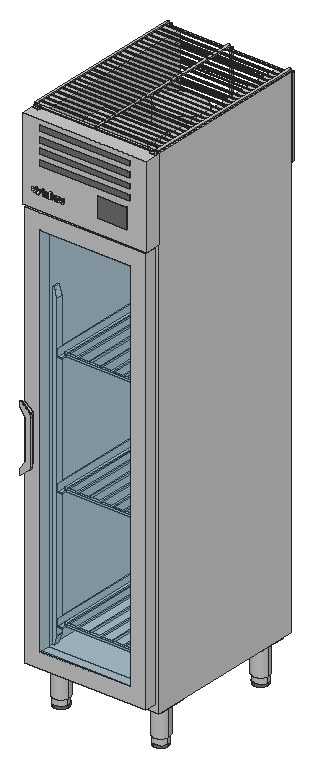
Revit family "QF_INFRICO_AGN300CR_250814095018", category Specialty Equipment, Revit 2021
Family settings
  Round Connector Dimension = Use Diameter
  Part Type = Normal
  OmniClass Number = 23.40.40.14
  OmniClass Title = Food Service Equipment
  Work Plane-Based = No
  Always vertical = Yes
  Cut with Voids When Loaded = No
  Shared = No
  Room Calculation Point = No
Parameters (values of type "AGN300CR")
  Weight [instance] = 0.00 kg
  Waste Water Discharge Temperature [instance] = 0 °C
  Waste Remarks [instance] = ""
  Warranty Start Date [instance] = ""
  Warranty Duration [instance] = ""
  Volts [instance] = 230 V
  Volt Free Conn [instance] = no
  URL Recommended Spares List [instance] = ""
  URL Manufacturer [instance] = ""
  URL Cutsheet [instance] = ""
  URL Critical Spares List [instance] = ""
  URL = "www.infrico.com"
  Technical Documentation [instance] = ""
  Tag Number [instance] = ""
  Status [instance] = ""
  Start Up Current [instance] = 0 A
  Specification by User [instance] = ""
  Specification by Manufacturer [instance] = ""
  Sound Level [instance] = ""
  Show Logo [instance] = yes
  Show Clearances [instance] = yes
  Service Life Duration [instance] = ""
  Serial Number [instance] = ""
  Seismic Rating [instance] = ""
  SMACNA No [instance] = ""
  Revision Code [instance] = ""
  Revision [instance] = ""
  Production Year [instance] = ""
  Potential Equalisation [instance] = no
  Point Load [instance] = 0
  Plumbing Connection Type [instance] = ""
  Phase [instance] = 1
  Other Equipment Approvals [instance] = ""
  Operational Current [instance] = 0 A
  Number of Poles [instance] = 2
  No Load Power Draw [instance] = no
  NAFEM Spec ID Number [instance] = ""
  Model Warning [instance] = ""
  Model = "AGN300CR"
  Min Ckt Ampacity [instance] = 0 A
  Max Overcurrent Protection [instance] = 0 A
  Masterspec [instance] = ""
  Manufacturer = "INFRICO"
  Main switch integrated [instance] = no
  Length Actual [instance] = 482 mm
  Item Number [instance] = ""
  Installed By [instance] = ""
  Installation Date [instance] = ""
  Indirect Waste Size [instance] = 19.05 mm
  Indirect Waste Remarks [instance] = ""
  Indirect Waste Flow [instance] = 0.0 L/s
  Indirect Waste Connection Type [instance] = ""
  Indirect Waste Connection Height [instance] = 0 mm
  Identify Quantity as Lot [instance] = no
  ID [instance] = ""
  Hygiene Approval [instance] = ""
  Height Actual [instance] = 2100 mm
  HP power [instance] = ""
  Furnished By [instance] = ""
  Foodservice Equipment Identifier [instance] = no
  FL Amps [instance] = 0 A
  Electrical Remarks [instance] = ""
  Electric power [instance] = 250 W
  Electric Connection Type [instance] = ""
  Elec Conn RI Height [instance] = 0 mm
  Elec Conn Connection Height [instance] = 0 mm
  ETL Approved [instance] = no
  Direct Waste Water Discharge Temperature [instance] = -273.15 °C
  Direct Waste Size [instance] = 19.05 mm
  Direct Waste RI Height [instance] = 0 mm
  Direct Waste Flow [instance] = 0.0 L/s
  Direct Waste Connection Height [instance] = 0 mm
  Description = "GLASS DOOR REACH IN REFRIGERATOR - ONE DOOR - R290"
  Depth Actual [instance] = 695 mm
  Default Elevation = 0 mm
  Cycle [instance] = 50 Hz
  Cost = 0
  Connection to energy optimisation system [instance] = yes
  Conn Plug [instance] = ""
  Conn Conduit [instance] = no
  Centralized building control system with digital interface [instance] = ""
  CSI MasterFormat [instance] = ""
  CE Approved [instance] = no
  Barcode [instance] = 0
  Author [instance] = ""
  Asset Identifier [instance] = ""
  Apparent Power [instance] = 250 VA
  Accessory [instance] = no
Reference planes
  plane 1 "Center (Front/Back)": y = 0
  plane 2: z = 0
  plane 3 "Center (Left/Right)": x = 0
Forms (mm)
  Extrusion 1, solid, not visible
    sketch origin (241.012, -93.905, 152.007) x (1, 0, 0) y (0, 1, 0)
      loop
        line (-2, 2) -> (-2, -2) -> (2, -2) -> (2, 2) -> (-2, 2)
    from -2 to 2
  Extrusion 2, solid, not visible
    sketch origin (100.005, -89.004, 1770.086) x (1, 0, 0) y (0, 1, 0)
      loop
        line (-2, 2) -> (-2, -2) -> (2, -2) -> (2, 2) -> (-2, 2)
    from -2 to 2
Dimensions and locks
  locked: nested 2 to Extrusion 1 at 2  (x2)
  locked: Extrusion 2 to nested 3
  locked: nested 3 to Extrusion 2 at 2
  aligned and locked: level to plane 2
Nested families
  nested 1: "QF_INFRICO_AGN300CR_2920" at (0, 0, 150), type "AGN300CR"
    with Weight 0.00 kg, Warranty Start Date "", Warranty Duration "", URL Cutsheet "", Technical Documentation "", Tag Number "", Status "", Specification by User "", Specification by Manufacturer "", Sound Level "", Solid Fuel Type "", Show Logo yes, Show Clearances yes, Show Clearance yes, Service Life Duration "", Serial Number "", Seismic Rating "", SMACNA No "", Revision Code "", Revision "", Production Year "", Point Load 0, Other Equipment Approvals "", NAFEM Spec ID Number "", Model Warning "", Masterspec "", Length Actual 482 mm, Item Number "", Installed By "", Installation Date "", Identify Quantity as Lot yes, ID "", Hygiene Approval "", Height Actual 2100 mm, Furnished By "", Foodservice Equipment Identifier yes, ETL Approved yes, Depth Actual 695 mm, CSI MasterFormat "", CE Approved no, Barcode "", Author "", Asset Identifier "", Accessory no
  nested 2: "CONN_POINT_DRAIN_2D___Generic_Annotation" at (241.012, -93.905, 150.007), type "CONN_POINT_DRAIN_2D___Generic_Annotation"
    with Onboard connection annotation symbol visibility yes
  nested 3: "CONN_POINT_ELE_2D___Generic_Annotation" at (100.005, -87.004, 1770.086), type "CONN_POINT_ELE_2D___Generic_Annotation"
    with Onboard connection annotation symbol visibility yes
  nested 4: "QF_INFRICO_AGNCR_DOOR_DX_4773" at (5, -640, 186), type "AGNCR_DOOR_DX"
    with Weight 0.00 kg, Warranty Start Date "", Warranty Duration "", URL Cutsheet "", Technical Documentation "", Tag Number "", Status "", Specification by User "", Specification by Manufacturer "", Sound Level "", Solid Fuel Type "", Show Logo yes, Show Clearances yes, Show Clearance yes, Service Life Duration "", Serial Number "", Seismic Rating "", SMACNA No "", Revision Code "", Revision "", Production Year "", Point Load 0, Other Equipment Approvals "", NAFEM Spec ID Number "", Model Warning "", Masterspec "", Length Actual 472 mm, Item Number "", Installed By "", Installation Date "", Identify Quantity as Lot yes, ID "", Hygiene Approval "", Height Actual 1588 mm, Furnished By "", Foodservice Equipment Identifier yes, ETL Approved yes, Depth Actual 61 mm, CSI MasterFormat "", CE Approved no, Barcode "", Author "", Asset Identifier "", Accessory yes
  nested 5: "QF_INFRICO_LEGS_REACH_INS_5574" at (0, 0, 0), type "LEGS_482_640"
    with Weight 0.00 kg, Warranty Start Date "", Warranty Duration "", URL Cutsheet "", Technical Documentation "", Tag Number "", Status "", Specification by User "", Specification by Manufacturer "", Sound Level "", Solid Fuel Type "", Show Logo yes, Show Clearances yes, Service Life Duration "", Serial Number "", Seismic Rating "", SMACNA No "", Revision Code "", Revision "", Production Year "", Point Load 0, Other Equipment Approvals "", NAFEM Spec ID Number "", Model Warning "", Masterspec "", Length Actual 482 mm, Item Number "", Installed By "", Installation Date "", Identify Quantity as Lot yes, ID "", Hygiene Approval "", Height Actual 150 mm, Furnished By "", Foodservice Equipment Identifier yes, ETL Approved yes, Depth Actual 640 mm, CSI MasterFormat "", CE Approved no, Barcode "", Author "", Asset Identifier "", Accessory yes
Connectors
  piping at (241.012, -93.905, 150.007), diameter 19.05, driven by "Indirect Waste Size", driven by "Direct Waste Flow"
    settings: on Extrusion 1, index 1, connector inside diameter 609.6 mm, connector length 0 mm, flow factor 0, pipe flow 0.0 L/s, pressure drop 0.0 Pa, fitting loss kfactor 0, connector angle 0.00°, fixture units 0, engagement length 0 mm, angle of deflection 0.00°, flow configuration 1, flow direction 2, fitting loss method 0, system type 16, joint type 0, gender type 0, connector reference index -1, connector utility 0, adjustable connector no, is connector primary yes, connector description "Waste connection for AGN300CR"
  electrical at (100.005, -87.004, 1770.086), driven by "Apparent Power", driven by "Number of Poles", driven by "Volts"
    settings: on Extrusion 2, index 2, voltage 230 V, apparent load 0 VA, apparent load phase1 250 VA, apparent load phase2 0 VA, apparent load phase3 0 VA, power factor 1, load classification "Other", number of poles 2, system type 31, power factor state 1, is connector primary yes, connector utility no, sub classification motor no, connector description "Electrical connection for AGN300CR"
Definition of nested family "QF_INFRICO_AGN300CR_2920"
  Parameters (values of type "AGN300CR")
    Weight [instance] = 0.00 kg
    Warranty Start Date [instance] = ""
    Warranty Duration [instance] = ""
    URL Cutsheet [instance] = ""
    URL = "www.infrico.com"
    Technical Documentation [instance] = ""
    Tag Number [instance] = ""
    Status [instance] = ""
    Specification by User [instance] = ""
    Specification by Manufacturer [instance] = ""
    Sound Level [instance] = ""
    Solid Fuel Type [instance] = ""
    Show Logo [instance] = yes
    Show Clearances [instance] = yes
    Show Clearance [instance] = yes
    Service Life Duration [instance] = ""
    Serial Number [instance] = ""
    Seismic Rating [instance] = ""
    SMACNA No [instance] = ""
    Revision Code [instance] = ""
    Revision [instance] = ""
    Production Year [instance] = ""
    Point Load [instance] = 0
    Other Equipment Approvals [instance] = ""
    NAFEM Spec ID Number [instance] = ""
    Model Warning [instance] = ""
    Model = "AGN300CR"
    Masterspec [instance] = ""
    Manufacturer = "INFRICO"
    Length Actual [instance] = 0 mm
    Item Number [instance] = ""
    Installed By [instance] = ""
    Installation Date [instance] = ""
    Identify Quantity as Lot [instance] = yes
    ID [instance] = ""
    Hygiene Approval [instance] = ""
    Height Actual [instance] = 0 mm
    Furnished By [instance] = ""
    Foodservice Equipment Identifier [instance] = yes
    ETL Approved [instance] = yes
    Description = "GLASS DOOR REACH IN REFRIGERATOR - ONE DOOR - R134A REFRIGERANT"
    Depth Actual [instance] = 0 mm
    Default Elevation = 0 mm
    CSI MasterFormat [instance] = ""
    CE Approved [instance] = yes
    Barcode [instance] = ""
    Author [instance] = ""
    Asset Identifier [instance] = ""
    Assembly Code = "E1090320"
    Accessory [instance] = yes
  Reference planes
    plane 1 "Back": y = 0
    plane 2: z = 0
    plane 3 "Left": x = 0
    plane 4 "Right": x = 482
    plane 5 "Front": y = -700
    plane 6 "Top": z = 1950
  Forms (mm)
    Extrusion 1, solid
      sketch origin (0, 16, -334) x (0, 1, 0) y (0, 0, 1)
        loop
          line (-16, 334) -> (-16, 1597) -> (-656, 1597) -> (-656, 334) -> (-16, 334)
      from 50 to 432
    Extrusion 2, solid
      sketch origin (0, -95, 1700) x (1, 0, 0) y (0, 1, 0)
        loop
          line (0, -545) -> (0, -605) -> (482, -605) -> (482, -545) -> (479.5, -545) -> (479.5, -558) -> (457, -558) -> (457, -545) -> (25, -545) -> (25, -558) -> (2.5, -558) -> (2.5, -545) -> (0, -545)
      from -68 to 250
    Extrusion 3, solid, visible <- "Show Logo"
      sketch origin (-1126.614, -699, 992.462) x (1, 0, 0) y (0, 0, 1)
        loop
          line (1208.799, 696.53) -> (1208.799, 719.204) -> (1204.173, 719.204) -> (1204.173, 696.53) -> (1208.799, 696.53)
        loop
          line (1214.779, 713.006) -> (1211.283, 713.006) -> (1211.283, 696.53) -> (1215.772, 696.53) -> (1215.772, 707.832)
          arc (1215.772, 707.832) -> (1217.528, 708.741) -> (1219.417, 709.324) r 11.052
          arc (1219.417, 709.324) -> (1220.929, 708.961) -> (1221.598, 707.557) r 1.806
          line (1221.598, 707.557) -> (1221.598, 696.53) -> (1226.121, 696.53) -> (1226.121, 708.689)
          arc (1226.121, 708.689) -> (1224.637, 712.075) -> (1221.141, 713.281) r 4.607
          arc (1221.141, 713.281) -> (1218.282, 712.674) -> (1215.669, 711.361) r 11.435
          line (1215.669, 711.361) -> (1215.601, 712.184)
          arc (1215.601, 712.184) -> (1215.36, 712.765) -> (1214.779, 713.006) r 0.822
        loop
          line (1238.557, 720.102) -> (1237.306, 720.102)
          arc (1237.306, 720.102) -> (1235.052, 719.926) -> (1232.881, 719.297) r 11.103
          arc (1232.881, 719.297) -> (1230.805, 717.616) -> (1230.024, 715.062) r 4.567
          line (1230.024, 715.062) -> (1230.024, 712.909) -> (1227.351, 712.703) -> (1227.351, 709.374) -> (1230.024, 709.374) -> (1230.024, 696.53) -> (1234.547, 696.53) -> (1234.547, 709.374) -> (1238.249, 709.374) -> (1238.249, 712.938) -> (1234.547, 712.938) -> (1234.547, 714.548)
          arc (1234.547, 714.548) -> (1234.956, 715.705) -> (1236.045, 716.271) r 1.67
          line (1236.045, 716.271) -> (1237.7, 716.399)
          arc (1237.7, 716.399) -> (1238.306, 716.65) -> (1238.557, 717.255) r 0.857
          line (1238.557, 717.255) -> (1238.557, 720.102)
        loop
          line (1239.479, 713.006) -> (1239.479, 696.53) -> (1243.968, 696.53) -> (1243.968, 707.352)
          arc (1243.968, 707.352) -> (1245.873, 708.631) -> (1248.077, 709.268) r 7.435
          line (1248.077, 709.268) -> (1249.241, 709.416)
          arc (1249.241, 709.416) -> (1249.643, 709.758) -> (1249.793, 710.265) r 0.928
          line (1249.793, 710.265) -> (1249.793, 712.458)
          arc (1249.793, 712.458) -> (1249.531, 713.061) -> (1248.912, 713.28) r 0.824
          arc (1248.912, 713.28) -> (1246.197, 712.588) -> (1243.899, 710.984) r 7.833
          line (1243.899, 710.984) -> (1243.726, 713.006) -> (1239.479, 713.006)
        loop
          line (1255.495, 696.53) -> (1255.495, 713.006) -> (1251.006, 713.006) -> (1251.006, 696.53) -> (1255.495, 696.53)
        loop
          arc (1257.421, 701.327) -> (1258.567, 698.188) -> (1261.466, 696.525) r 4.873
          arc (1261.466, 696.525) -> (1264.493, 696.266) -> (1267.521, 696.525) r 17.816
          arc (1267.521, 696.525) -> (1270.575, 699.134) -> (1271.505, 703.041) r 6.481
          line (1271.505, 703.041) -> (1267.187, 703.041) -> (1267.187, 701.67)
          arc (1267.187, 701.67) -> (1266.64, 700.452) -> (1265.442, 699.865) r 1.965
          arc (1265.442, 699.865) -> (1264.547, 699.816) -> (1263.653, 699.865) r 8.196
          arc (1263.653, 699.865) -> (1262.417, 700.415) -> (1261.91, 701.67) r 1.806
          line (1261.91, 701.67) -> (1261.91, 707.9)
          arc (1261.91, 707.9) -> (1262.417, 709.155) -> (1263.653, 709.705) r 1.806
          arc (1263.653, 709.705) -> (1264.547, 709.754) -> (1265.442, 709.705) r 8.196
          arc (1265.442, 709.705) -> (1266.64, 709.118) -> (1267.187, 707.9) r 1.965
          line (1267.187, 707.9) -> (1267.187, 706.838) -> (1271.505, 706.838)
          arc (1271.505, 706.838) -> (1270.524, 710.556) -> (1267.521, 712.959) r 6.132
          arc (1267.521, 712.959) -> (1264.493, 713.294) -> (1261.466, 712.959) r 13.851
          arc (1261.466, 712.959) -> (1258.571, 711.349) -> (1257.421, 708.243) r 4.772
          line (1257.421, 708.243) -> (1257.421, 701.327)
        loop
          arc (1272.916, 701.329) -> (1273.993, 698.345) -> (1276.726, 696.734) r 4.676
          arc (1276.726, 696.734) -> (1278.515, 696.455) -> (1280.318, 696.291) r 28.371
          arc (1280.318, 696.291) -> (1282.122, 696.455) -> (1283.911, 696.734) r 28.371
          arc (1283.911, 696.734) -> (1286.644, 698.345) -> (1287.72, 701.329) r 4.676
          line (1287.72, 701.329) -> (1287.72, 708.242)
          arc (1287.72, 708.242) -> (1286.644, 711.226) -> (1283.911, 712.837) r 4.676
          arc (1283.911, 712.837) -> (1282.122, 713.116) -> (1280.318, 713.28) r 28.371
          arc (1280.318, 713.28) -> (1278.515, 713.116) -> (1276.726, 712.837) r 28.371
          arc (1276.726, 712.837) -> (1273.993, 711.226) -> (1272.916, 708.242) r 4.676
          line (1272.916, 708.242) -> (1272.916, 701.329)
        loop
          line (1277.405, 707.866) -> (1277.405, 701.705)
          arc (1277.405, 701.705) -> (1277.844, 700.556) -> (1278.936, 699.991) r 1.725
          arc (1278.936, 699.991) -> (1279.627, 699.918) -> (1280.318, 699.856) r 46.133
          arc (1280.318, 699.856) -> (1281.01, 699.918) -> (1281.701, 699.991) r 46.133
          arc (1281.701, 699.991) -> (1282.793, 700.556) -> (1283.231, 701.705) r 1.725
          line (1283.231, 701.705) -> (1283.231, 707.866)
          arc (1283.231, 707.866) -> (1282.793, 709.015) -> (1281.701, 709.58) r 1.725
          arc (1281.701, 709.58) -> (1281.01, 709.653) -> (1280.318, 709.716) r 46.133
          arc (1280.318, 709.716) -> (1279.627, 709.653) -> (1278.936, 709.58) r 46.133
          arc (1278.936, 709.58) -> (1277.844, 709.015) -> (1277.405, 707.866) r 1.725
        loop
          arc (1190.339, 696.543) -> (1191.411, 696.987) -> (1191.856, 698.059) r 1.516
          line (1191.856, 698.059) -> (1191.856, 703.891) -> (1196.035, 703.891)
          arc (1196.035, 703.891) -> (1196.79, 704.121) -> (1197.218, 704.782) r 1.147
          line (1197.218, 704.782) -> (1197.218, 706.211)
          arc (1197.218, 706.211) -> (1196.787, 707.258) -> (1195.719, 707.634) r 1.385
          line (1195.719, 707.634) -> (1194.52, 707.634) -> (1197.218, 710.332)
          arc (1197.218, 710.332) -> (1197.605, 711.266) -> (1197.218, 712.2) r 1.321
          line (1197.218, 712.2) -> (1196.495, 712.923)
          arc (1196.495, 712.923) -> (1195.54, 713.338) -> (1194.558, 712.991) r 1.422
          line (1194.558, 712.991) -> (1191.853, 710.286) -> (1191.853, 711.479)
          arc (1191.853, 711.479) -> (1191.443, 712.516) -> (1190.435, 712.992) r 1.516
          line (1190.435, 712.992) -> (1189.514, 712.992)
          arc (1189.514, 712.992) -> (1188.511, 712.514) -> (1188.103, 711.479) r 1.516
          line (1188.103, 711.479) -> (1188.103, 706.83) -> (1182.073, 701.336) -> (1182.073, 707.509) -> (1185.639, 711.075)
          arc (1185.639, 711.075) -> (1186.053, 712.073) -> (1185.639, 713.071) r 1.412
          line (1185.639, 713.071) -> (1184.987, 713.723)
          arc (1184.987, 713.723) -> (1183.939, 714.141) -> (1182.915, 713.667) r 1.428
          line (1182.915, 713.667) -> (1182.073, 712.825) -> (1182.073, 717.784)
          arc (1182.073, 717.784) -> (1181.658, 718.787) -> (1180.655, 719.203) r 1.418
          line (1180.655, 719.203) -> (1179.726, 719.203)
          arc (1179.726, 719.203) -> (1178.723, 718.787) -> (1178.308, 717.784) r 1.418
          line (1178.308, 717.784) -> (1178.308, 712.825) -> (1177.466, 713.667)
          arc (1177.466, 713.667) -> (1176.442, 714.141) -> (1175.394, 713.723) r 1.428
          line (1175.394, 713.723) -> (1174.742, 713.071)
          arc (1174.742, 713.071) -> (1174.328, 712.073) -> (1174.742, 711.075) r 1.412
          line (1174.742, 711.075) -> (1178.308, 707.509) -> (1178.308, 701.336) -> (1172.278, 706.83) -> (1172.278, 711.479)
          arc (1172.278, 711.479) -> (1171.87, 712.514) -> (1170.867, 712.992) r 1.516
          line (1170.867, 712.992) -> (1169.946, 712.992)
          arc (1169.946, 712.992) -> (1168.938, 712.516) -> (1168.528, 711.479) r 1.516
          line (1168.528, 711.479) -> (1168.528, 710.286) -> (1165.823, 712.991)
          arc (1165.823, 712.991) -> (1164.841, 713.338) -> (1163.886, 712.923) r 1.422
          line (1163.886, 712.923) -> (1163.163, 712.2)
          arc (1163.163, 712.2) -> (1162.776, 711.266) -> (1163.163, 710.332) r 1.321
          line (1163.163, 710.332) -> (1165.861, 707.634) -> (1164.662, 707.634)
          arc (1164.662, 707.634) -> (1163.594, 707.258) -> (1163.163, 706.211) r 1.385
          line (1163.163, 706.211) -> (1163.163, 704.782)
          arc (1163.163, 704.782) -> (1163.591, 704.121) -> (1164.346, 703.891) r 1.147
          line (1164.346, 703.891) -> (1168.525, 703.891) -> (1168.525, 698.059)
          arc (1168.525, 698.059) -> (1168.969, 696.987) -> (1170.042, 696.543) r 1.516
          line (1170.042, 696.543) -> (1190.339, 696.543)
      from 0 to 2
    Extrusion 4, solid
      sketch origin (-875.87, -3.77, 1109.561) x (1, 0, 0) y (0, 0, 1)
        loop
          line (1169.616, 654.3) -> (1169.616, 577.9) -> (1281.216, 577.9) -> (1281.216, 654.3) -> (1169.616, 654.3)
      from 696.23 to 698.23
    Extrusion 5, solid
      sketch origin (0, 16, -10) x (1, 0, 0) y (0, 1, 0)
        loop
          line (0, -656) -> (50, -656) -> (50, -16) -> (0, -16) -> (0, -656)
        loop
          line (432, -16) -> (432, -656) -> (482, -656) -> (482, -16) -> (432, -16)
      from 10 to 1960
    Extrusion 6, solid
      sketch origin (0, 16, 38) x (0, 1, 0) y (0, 0, 1)
        loop
          line (-656, 1225) -> (-50, 1225) -> (-103.033, 1278.033) -> (-103.033, 1600) -> (-603, 1600) -> (-656, 1653) -> (-656, 1225)
      from 50 to 432
    Extrusion 7, solid
      sketch origin (146.982, 229.891, 1638) x (0.866025, -0.5, 0) y (0.5, 0.866025, 0)
        loop
          line (358.028, -621.086) -> (408.028, -707.689) -> (624.534, -582.689) -> (574.534, -496.086) -> (358.028, -621.086)
      from 0 to 292
    Extrusion 8, solid
      sketch origin (141.982, 221.23, 1659) x (0.866025, -0.5, 0) y (0.5, 0.866025, 0)
        loop
          line (407.8, -507.295) -> (427.8, -541.936) -> (479.762, -511.936) -> (459.762, -477.295) -> (407.8, -507.295)
      from 103.4 to 153.4
    Extrusion 9, solid
      sketch origin (857.586, -118.671, 1638) x (0, -1, 0) y (1, 0, 0)
        loop
          arc (131.329, -491.086) -> (74.329, -586.086) -> (131.329, -681.086) r 107.667
          arc (131.329, -681.086) -> (151.329, -686.086) -> (171.329, -681.086) r 42.5
          arc (171.329, -681.086) -> (228.329, -586.086) -> (171.329, -491.086) r 107.667
          arc (171.329, -491.086) -> (151.329, -486.086) -> (131.329, -491.086) r 42.5
      from 0 to 250
    Extrusion 10, solid
      sketch origin (0, 16, 33) x (0, 1, 0) y (0, 0, 1)
        loop
          circle (-656, 1921) r 4
        loop
          circle (-630, 1923) r 2
        loop
          circle (-605, 1923) r 2
        loop
          circle (-580, 1923) r 2
        loop
          circle (-555, 1923) r 2
        loop
          circle (-530, 1923) r 2
        loop
          circle (-505, 1923) r 2
        loop
          circle (-480, 1923) r 2
        loop
          circle (-455, 1923) r 2
        loop
          circle (-430, 1923) r 2
        loop
          circle (-405, 1923) r 2
        loop
          circle (-380, 1923) r 2
        loop
          circle (-355, 1923) r 2
        loop
          circle (-330, 1923) r 2
        loop
          circle (-305, 1923) r 2
        loop
          circle (-280, 1923) r 2
        loop
          circle (-255, 1923) r 2
        loop
          circle (-230, 1923) r 2
        loop
          circle (-205, 1923) r 2
        loop
          circle (-155, 1923) r 2
        loop
          circle (-130, 1923) r 2
        loop
          circle (-105, 1923) r 2
        loop
          circle (-80, 1923) r 2
        loop
          circle (-55, 1923) r 2
        loop
          circle (-180, 1923) r 2
        loop
          circle (-30, 1923) r 2
      from 0 to 481
    Extrusion 11, solid
      sketch origin (0, 16, 33) x (1, 0, 0) y (0, 0, 1)
        loop
          circle (4, 1929) r 4
        loop
          circle (478, 1929) r 4
        loop
          circle (241, 1929) r 4
      from 16 to 660
    Extrusion 12, solid
      sketch origin (0, -1917, 1290) x (0, 0, -1) y (0, 1, 0)
        loop
          circle (-656, 1921) r 4
        loop
          circle (-630, 1923) r 2
        loop
          circle (-605, 1923) r 2
        loop
          circle (-580, 1923) r 2
        loop
          circle (-555, 1923) r 2
        loop
          circle (-530, 1923) r 2
        loop
          circle (-505, 1923) r 2
        loop
          circle (-480, 1923) r 2
        loop
          circle (-455, 1923) r 2
        loop
          circle (-430, 1923) r 2
        loop
          circle (-405, 1923) r 2
        loop
          circle (-380, 1923) r 2
        loop
          circle (-355, 1923) r 2
      from 0 to 481
    Extrusion 13, solid
      sketch origin (0, -1917, 1290) x (1, 0, 0) y (0, 1, 0)
        loop
          circle (4, 1929) r 4
        loop
          circle (477, 1929) r 4
        loop
          circle (240.5, 1929) r 4
      from 348 to 660
    Extrusion 14, solid
      sketch origin (500, -698.1, -10) x (1, 0, 0) y (0, 0, 1)
        loop
          line (-434.5, 1940) -> (-434.5, 1920) -> (-84.5, 1920) -> (-84.5, 1940) -> (-434.5, 1940)
        loop
          line (-434.5, 1900) -> (-434.5, 1880) -> (-84.5, 1880) -> (-84.5, 1900) -> (-434.5, 1900)
        loop
          line (-434.5, 1860) -> (-434.5, 1840) -> (-84.5, 1840) -> (-84.5, 1860) -> (-434.5, 1860)
        loop
          line (-434.5, 1820) -> (-434.5, 1800) -> (-84.5, 1800) -> (-84.5, 1820) -> (-434.5, 1820)
      from 0 to 2
    Extrusion 15, solid
      sketch origin (458.5, -77, 38) x (0, 1, 0) y (0, 0, 1)
        loop
          line (-567, 1911) -> (-563, 1911) -> (-563, 1914.5)
          arc (-563, 1914.5) -> (-564.062, 1917.463) -> (-565.924, 1920) r 10.917
          line (-565.924, 1920) -> (-573.076, 1920)
          arc (-573.076, 1920) -> (-574.938, 1917.463) -> (-576, 1914.5) r 10.917
          line (-576, 1914.5) -> (-576, 1911) -> (-572, 1911) -> (-572, 1914.5)
          arc (-572, 1914.5) -> (-569.5, 1917) -> (-567, 1914.5) r 2.5
          line (-567, 1914.5) -> (-567, 1911)
      from 0 to 17.5
    Extrusion 16, solid
      sketch origin (455.5, -77, 38) x (0, 1, 0) y (0, 0, 1)
        loop
          arc (-567.161, 1915.382) -> (-569.948, 1916.96) -> (-572, 1914.5) r 2.5
          line (-572, 1914.5) -> (-571.49, 1908.671) -> (-564.851, 1909.252) -> (-567.161, 1915.382)
      from 0.5 to 3
    Extrusion 17, solid
      sketch origin (475.5, -77, 38) x (0, 1, 0) y (0, 0, 1)
        loop
          arc (-567.161, 1915.382) -> (-569.948, 1916.96) -> (-572, 1914.5) r 2.5
          line (-572, 1914.5) -> (-571.49, 1908.671) -> (-564.851, 1909.252) -> (-567.161, 1915.382)
      from 0.5 to 3
    Extrusion 18, solid
      sketch origin (5, -77, 38) x (0, 1, 0) y (0, 0, 1)
        loop
          line (-567, 1911) -> (-563, 1911) -> (-563, 1914.5)
          arc (-563, 1914.5) -> (-564.062, 1917.463) -> (-565.924, 1920) r 10.917
          line (-565.924, 1920) -> (-573.076, 1920)
          arc (-573.076, 1920) -> (-574.938, 1917.463) -> (-576, 1914.5) r 10.917
          line (-576, 1914.5) -> (-576, 1911) -> (-572, 1911) -> (-572, 1914.5)
          arc (-572, 1914.5) -> (-569.5, 1917) -> (-567, 1914.5) r 2.5
          line (-567, 1914.5) -> (-567, 1911)
      from 0 to 17.5
    Extrusion 19, solid
      sketch origin (2, -77, 38) x (0, 1, 0) y (0, 0, 1)
        loop
          arc (-567.161, 1915.382) -> (-569.948, 1916.96) -> (-572, 1914.5) r 2.5
          line (-572, 1914.5) -> (-571.49, 1908.671) -> (-564.851, 1909.252) -> (-567.161, 1915.382)
      from 0.5 to 3
    Extrusion 20, solid
      sketch origin (22, -77, 38) x (0, 1, 0) y (0, 0, 1)
        loop
          arc (-567.161, 1915.382) -> (-569.948, 1916.96) -> (-572, 1914.5) r 2.5
          line (-572, 1914.5) -> (-571.49, 1908.671) -> (-564.851, 1909.252) -> (-567.161, 1915.382)
      from 0.5 to 3
    Extrusion 21, solid
      sketch origin (0, 0, 0) x (1, 0, 0) y (0, 0, 1)
        loop
          circle (271.5, 1787) r 90
      from 462 to 487
    Extrusion 22, void
      sketch origin (0, -82, 0) x (1, 0, 0) y (0, 0, 1)
        loop
          line (50, 80) -> (432, 80) -> (432, 1575) -> (50, 1575) -> (50, 80)
      from 8.033 to 558
    Extrusion 23, solid
      sketch origin (20, -40.033, -348) x (1, 0, 0) y (0, 0, 1)
        loop
          line (52, 500) -> (52, 526.5) -> (50, 526.5) -> (50, 498) -> (68.5, 498) -> (68.5, 500) -> (52, 500)
      from 70 to 579.967
    Extrusion 24, solid
      sketch origin (-120.635, 74.967, 997) x (1, 0, 0) y (0, 1, 0)
        loop
          arc (214.135, -210) -> (203.529, -214.393) -> (199.135, -225) r 15
          line (199.135, -225) -> (199.135, -665)
          arc (199.135, -665) -> (203.529, -675.607) -> (214.135, -680) r 15
          line (214.135, -680) -> (509.135, -680)
          arc (509.135, -680) -> (519.742, -675.607) -> (524.135, -665) r 15
          line (524.135, -665) -> (524.135, -225)
          arc (524.135, -225) -> (519.742, -214.393) -> (509.135, -210) r 15
          line (509.135, -210) -> (214.135, -210)
        loop
          arc (209.135, -665) -> (210.6, -668.536) -> (214.135, -670) r 5
          line (214.135, -670) -> (246.635, -670) -> (246.635, -220) -> (214.135, -220)
          arc (214.135, -220) -> (210.6, -221.464) -> (209.135, -225) r 5
          line (209.135, -225) -> (209.135, -665)
        loop
          arc (514.135, -225) -> (512.671, -221.464) -> (509.135, -220) r 5
          line (509.135, -220) -> (476.635, -220) -> (476.635, -670) -> (509.135, -670)
          arc (509.135, -670) -> (512.671, -668.536) -> (514.135, -665) r 5
          line (514.135, -665) -> (514.135, -225)
        loop
          line (471.635, -220) -> (431.635, -220) -> (431.635, -670) -> (471.635, -670) -> (471.635, -220)
        loop
          line (426.635, -220) -> (386.635, -220) -> (386.635, -670) -> (426.635, -670) -> (426.635, -220)
        loop
          line (381.635, -220) -> (341.635, -220) -> (341.635, -670) -> (381.635, -670) -> (381.635, -220)
        loop
          line (336.635, -220) -> (296.635, -220) -> (296.635, -670) -> (336.635, -670) -> (336.635, -220)
        loop
          line (291.635, -220) -> (251.635, -220) -> (251.635, -670) -> (291.635, -670) -> (291.635, -220)
      from 95 to 100
    Extrusion 25, solid
      sketch origin (0, -110.033, -348) x (1, 0, 0) y (0, 0, 1)
        loop
          line (60, 433) -> (70, 463) -> (70, 468) -> (70, 1643) -> (60, 1678) -> (50, 1678) -> (50, 433) -> (60, 433)
      from 0 to 20
    Extrusion 26, solid
      sketch origin (0, -600, -348) x (1, 0, 0) y (0, 0, 1)
        loop
          line (60, 433) -> (70, 463) -> (70, 468) -> (70, 1643) -> (60, 1678) -> (50, 1678) -> (50, 433) -> (60, 433)
      from 0 to 20
    Extrusion 27, solid
      sketch origin (462, -40.033, -348) x (-1, 0, 0) y (0, 0, -1)
        loop
          line (52, -500) -> (68.5, -500) -> (68.5, -498) -> (50, -498) -> (50, -526.5) -> (52, -526.5) -> (52, -500)
      from 70 to 579.967
    Extrusion 28, solid
      sketch origin (482, -110.033, -348) x (-1, 0, 0) y (0, 0, -1)
        loop
          line (60, -433) -> (50, -433) -> (50, -1678) -> (60, -1678) -> (70, -1643) -> (70, -468) -> (70, -463) -> (60, -433)
      from 0 to 20
    Extrusion 29, solid
      sketch origin (482, -600, -348) x (-1, 0, 0) y (0, 0, -1)
        loop
          line (60, -433) -> (50, -433) -> (50, -1678) -> (60, -1678) -> (70, -1643) -> (70, -468) -> (70, -463) -> (60, -433)
      from 0 to 20
    Extrusion 30, solid
      sketch origin (20, -40.033, 122) x (1, 0, 0) y (0, 0, 1)
        loop
          line (52, 500) -> (52, 526.5) -> (50, 526.5) -> (50, 498) -> (68.5, 498) -> (68.5, 500) -> (52, 500)
      from 70 to 579.967
    Extrusion 31, solid
      sketch origin (462, -40.033, 122) x (-1, 0, 0) y (0, 0, -1)
        loop
          line (52, -500) -> (68.5, -500) -> (68.5, -498) -> (50, -498) -> (50, -526.5) -> (52, -526.5) -> (52, -500)
      from 70 to 579.967
    Extrusion 32, solid
      sketch origin (20, -40.033, 592) x (1, 0, 0) y (0, 0, 1)
        loop
          line (52, 500) -> (52, 526.5) -> (50, 526.5) -> (50, 498) -> (68.5, 498) -> (68.5, 500) -> (52, 500)
      from 70 to 579.967
    Extrusion 33, solid
      sketch origin (462, -40.033, 592) x (-1, 0, 0) y (0, 0, -1)
        loop
          line (52, -500) -> (68.5, -500) -> (68.5, -498) -> (50, -498) -> (50, -526.5) -> (52, -526.5) -> (52, -500)
      from 70 to 579.967
    Extrusion 34, solid
      sketch origin (-120.635, 74.967, 527) x (1, 0, 0) y (0, 1, 0)
        loop
          arc (214.135, -210) -> (203.529, -214.393) -> (199.135, -225) r 15
          line (199.135, -225) -> (199.135, -665)
          arc (199.135, -665) -> (203.529, -675.607) -> (214.135, -680) r 15
          line (214.135, -680) -> (509.135, -680)
          arc (509.135, -680) -> (519.742, -675.607) -> (524.135, -665) r 15
          line (524.135, -665) -> (524.135, -225)
          arc (524.135, -225) -> (519.742, -214.393) -> (509.135, -210) r 15
          line (509.135, -210) -> (214.135, -210)
        loop
          arc (209.135, -665) -> (210.6, -668.536) -> (214.135, -670) r 5
          line (214.135, -670) -> (246.635, -670) -> (246.635, -220) -> (214.135, -220)
          arc (214.135, -220) -> (210.6, -221.464) -> (209.135, -225) r 5
          line (209.135, -225) -> (209.135, -665)
        loop
          arc (514.135, -225) -> (512.671, -221.464) -> (509.135, -220) r 5
          line (509.135, -220) -> (476.635, -220) -> (476.635, -670) -> (509.135, -670)
          arc (509.135, -670) -> (512.671, -668.536) -> (514.135, -665) r 5
          line (514.135, -665) -> (514.135, -225)
        loop
          line (471.635, -220) -> (431.635, -220) -> (431.635, -670) -> (471.635, -670) -> (471.635, -220)
        loop
          line (426.635, -220) -> (386.635, -220) -> (386.635, -670) -> (426.635, -670) -> (426.635, -220)
        loop
          line (381.635, -220) -> (341.635, -220) -> (341.635, -670) -> (381.635, -670) -> (381.635, -220)
        loop
          line (336.635, -220) -> (296.635, -220) -> (296.635, -670) -> (336.635, -670) -> (336.635, -220)
        loop
          line (291.635, -220) -> (251.635, -220) -> (251.635, -670) -> (291.635, -670) -> (291.635, -220)
      from 95 to 100
    Extrusion 35, solid
      sketch origin (-120.635, 74.967, 57) x (1, 0, 0) y (0, 1, 0)
        loop
          arc (214.135, -210) -> (203.529, -214.393) -> (199.135, -225) r 15
          line (199.135, -225) -> (199.135, -665)
          arc (199.135, -665) -> (203.529, -675.607) -> (214.135, -680) r 15
          line (214.135, -680) -> (509.135, -680)
          arc (509.135, -680) -> (519.742, -675.607) -> (524.135, -665) r 15
          line (524.135, -665) -> (524.135, -225)
          arc (524.135, -225) -> (519.742, -214.393) -> (509.135, -210) r 15
          line (509.135, -210) -> (214.135, -210)
        loop
          arc (209.135, -665) -> (210.6, -668.536) -> (214.135, -670) r 5
          line (214.135, -670) -> (246.635, -670) -> (246.635, -220) -> (214.135, -220)
          arc (214.135, -220) -> (210.6, -221.464) -> (209.135, -225) r 5
          line (209.135, -225) -> (209.135, -665)
        loop
          arc (514.135, -225) -> (512.671, -221.464) -> (509.135, -220) r 5
          line (509.135, -220) -> (476.635, -220) -> (476.635, -670) -> (509.135, -670)
          arc (509.135, -670) -> (512.671, -668.536) -> (514.135, -665) r 5
          line (514.135, -665) -> (514.135, -225)
        loop
          line (471.635, -220) -> (431.635, -220) -> (431.635, -670) -> (471.635, -670) -> (471.635, -220)
        loop
          line (426.635, -220) -> (386.635, -220) -> (386.635, -670) -> (426.635, -670) -> (426.635, -220)
        loop
          line (381.635, -220) -> (341.635, -220) -> (341.635, -670) -> (381.635, -670) -> (381.635, -220)
        loop
          line (336.635, -220) -> (296.635, -220) -> (296.635, -670) -> (336.635, -670) -> (336.635, -220)
        loop
          line (291.635, -220) -> (251.635, -220) -> (251.635, -670) -> (291.635, -670) -> (291.635, -220)
      from 95 to 100
    Extrusion 36, solid
      sketch origin (0.5, 0, 0) x (1, 0, 0) y (0, 1, 0)
        loop
          circle (240.5, -93.4) r 9.525
      from -10 to 0
    Extrusion 37, solid
      sketch origin (100, -87.033, 1620) x (1, 0, 0) y (0, 0, -1)
        loop
          circle (0, 0) r 5
      from 0 to 10
  Cuts and joins
    Extrusion 22 cuts Extrusion 1
    Extrusion 22 cuts Extrusion 5
    Extrusion 22 cuts Extrusion 6
    joined: Extrusion 1, Extrusion 5, Extrusion 6
  Lines and regions (mm)
    symbolic lines
      curve 1: line (0, 0, 0) -> (482, 0, 0)
      curve 2: line (482, 0, 0) -> (482, -700, 0)
      curve 3: line (482, -700, 0) -> (0, -700, 0)
      curve 4: line (0, -700, 0) -> (0, 0, 0)
      curve 5: line (482, -644, 0) -> (0, -644, 0)
  Dimensions and locks
    plane 6 "Top" to level = 1950 mm  (x2)
    plane 4 "Right" to plane 3 "Left" = 482 mm
    plane 1 "Back" to plane 5 "Front" = 700 mm  (x2)
    plane 3 "Left" to plane 4 "Right" = 482 mm
    aligned and locked: level to plane 2
  Connectors
    piping at (241, -93.4, -10), diameter 19.1
      settings: on Extrusion 36, index 1, connector inside diameter 609.6 mm, connector length 0 mm, flow factor 0, pipe flow 0.0 L/s, pressure drop 0.0 Pa, fitting loss kfactor 0, connector angle 0.00°, fixture units 0, engagement length 0 mm, angle of deflection 0.00°, flow configuration 1, flow direction 2, fitting loss method 0, system type 16, joint type 0, gender type 0, connector reference index -1, connector utility 0, adjustable connector no, is connector primary yes, connector description "Drain connection"
    electrical at (100, -77.033, 1620)
      settings: on Extrusion 37, index 2, voltage 0 V, apparent load 0 VA, apparent load phase1 0 VA, apparent load phase2 0 VA, apparent load phase3 0 VA, power factor 1, load classification none, number of poles 1, system type 31, power factor state 1, is connector primary yes, connector utility no, sub classification motor no, connector description "Electrical connection"
Definition of nested family "QF_INFRICO_AGNCR_DOOR_DX_4773"
  Parameters (values of type "AGNCR_DOOR_DX")
    Weight [instance] = 0.00 kg
    Warranty Start Date [instance] = ""
    Warranty Duration [instance] = ""
    URL Cutsheet [instance] = ""
    URL = "www.infrico.com"
    Technical Documentation [instance] = ""
    Tag Number [instance] = ""
    Status [instance] = ""
    Specification by User [instance] = ""
    Specification by Manufacturer [instance] = ""
    Sound Level [instance] = ""
    Solid Fuel Type [instance] = ""
    Show Logo [instance] = yes
    Show Clearances [instance] = yes
    Show Clearance [instance] = yes
    Service Life Duration [instance] = ""
    Serial Number [instance] = ""
    Seismic Rating [instance] = ""
    SMACNA No [instance] = ""
    Revision Code [instance] = ""
    Revision [instance] = ""
    Production Year [instance] = ""
    Point Load [instance] = 0
    Other Equipment Approvals [instance] = ""
    NAFEM Spec ID Number [instance] = ""
    Model Warning [instance] = ""
    Model = "AGNCR_DOOR_DX"
    Masterspec [instance] = ""
    Manufacturer = "INFRICO"
    Length Actual [instance] = 0 mm
    Item Number [instance] = ""
    Installed By [instance] = ""
    Installation Date [instance] = ""
    Identify Quantity as Lot [instance] = yes
    ID [instance] = ""
    Hygiene Approval [instance] = ""
    Height Actual [instance] = 0 mm
    Furnished By [instance] = ""
    Foodservice Equipment Identifier [instance] = yes
    ETL Approved [instance] = yes
    Description = "RIGHT DOOR"
    Depth Actual [instance] = 0 mm
    Default Elevation = 0 mm
    CSI MasterFormat [instance] = ""
    CE Approved [instance] = yes
    Barcode [instance] = ""
    Author [instance] = ""
    Asset Identifier [instance] = ""
    Assembly Code = "E1090320"
    Accessory [instance] = yes
  Reference planes
    plane 1 "Back": y = 0
    plane 2: z = 0
    plane 3 "Left": x = 0
    plane 4 "Right": x = 472
    plane 5 "Front": y = -57
    plane 6 "Top": z = 1588
  Forms (mm)
    Extrusion 1, solid
      sketch origin (0, 231, 0) x (1, 0, 0) y (0, 0, 1)
        loop
          line (457, 1573) -> (15, 1573) -> (15, 15) -> (457, 15) -> (457, 1573)
        loop
          line (427, 1543) -> (45, 1543) -> (45, 45) -> (427, 45) -> (427, 1543)
      from 231 to 248
    Extrusion 2, solid
      sketch origin (-514.03, 635.058, 199.096) x (1, 0, 0) y (0, 0, 1)
        loop
          line (518.816, 723.04) -> (515.53, 723.04) -> (515.53, 703.04) -> (535.322, 671.778)
          arc (535.322, 671.778) -> (536.599, 669.028) -> (537.13, 666.043) r 11.743
          line (537.13, 666.043) -> (537.13, 523.765)
          arc (537.13, 523.765) -> (536.599, 520.779) -> (535.322, 518.029) r 11.743
          line (535.322, 518.029) -> (515.53, 486.767) -> (515.53, 466.767) -> (518.816, 466.767) -> (552.274, 494.842)
          arc (552.274, 494.842) -> (556.597, 500.476) -> (558.134, 507.408) r 16.404
          line (558.134, 507.408) -> (558.134, 682.399)
          arc (558.134, 682.399) -> (556.597, 689.332) -> (552.274, 694.965) r 16.404
          line (552.274, 694.965) -> (518.816, 723.04)
      from 713.68 to 715.78
    Extrusion 3, solid
      sketch origin (488.902, 635.058, 199.096) x (-1, 0, 0) y (0, 0, -1)
        loop
          line (471.131, -498.425) -> (487.402, -482.154) -> (487.402, -479.189) -> (457.988, -503.87)
          arc (457.988, -503.87) -> (456.67, -505.587) -> (456.202, -507.7) r 5
          line (456.202, -507.7) -> (456.202, -682.691)
          arc (456.202, -682.691) -> (456.67, -684.804) -> (457.988, -686.521) r 5
          line (457.988, -686.521) -> (487.402, -711.202) -> (487.402, -708.237) -> (471.131, -691.967)
          arc (471.131, -691.967) -> (461.192, -677.092) -> (457.702, -659.546) r 45.85
          line (457.702, -659.546) -> (457.702, -530.845)
          arc (457.702, -530.845) -> (461.192, -513.299) -> (471.131, -498.425) r 45.85
      from 692.058 to 713.68
    Extrusion 4, solid
      sketch origin (198.098, 625.058, 63.857) x (0, 1, 0) y (0, 0, 1)
        loop
          line (-682.058, 1464.143) -> (-682.058, -3.857) -> (-678.07, -3.857) -> (-678.07, 1464.143) -> (-682.058, 1464.143)
      from -138.098 to 213.902
    Extrusion 5, solid
      sketch origin (198.098, -13, 63.857) x (1, 0, 0) y (0, 0, 1)
        loop
          line (-198.098, 1524.143) -> (-198.098, -63.857) -> (273.902, -63.857) -> (273.902, 1524.143) -> (-198.098, 1524.143)
        loop
          line (-138.098, 1464.143) -> (-138.098, -3.857) -> (213.902, -3.857) -> (213.902, 1464.143) -> (-138.098, 1464.143)
      from 4 to 44
    Extrusion 6, solid, detail levels coarse
      sketch origin (0, 4, 0) x (1, 0, 0) y (0, 1, 0)
        loop
          arc (0, -61) -> (126.53, -366.47) -> (432, -493) r 432
          line (432, -493) -> (472, -493) -> (472, -61) -> (0, -61)
      from 0 to 1588
  Lines and regions (mm)
    symbolic lines, visible <- "Show Clearance"
      curve 1: arc (0.01, -60, 0) -> (127.592, -363.529, 0) -> (432, -489, 0) r 432
      curve 2: line (432, -489, 0) -> (472, -489, 0)
      curve 3: line (472, -489, 0) -> (472, -60, 0)
      curve 4: line (432, -489, 0) -> (432, -60, 0)
  Dimensions and locks
    plane 6 "Top" to level = 1588 mm  (x2)
    plane 4 "Right" to plane 3 "Left" = 472 mm
    plane 1 "Back" to plane 5 "Front" = 57 mm  (x2)
    plane 3 "Left" to plane 4 "Right" = 472 mm
    aligned and locked: level to plane 2
Definition of nested family "QF_INFRICO_LEGS_REACH_INS_5574"
  Parameters (values of type "LEGS_930_756")
    Weight [instance] = 0.00 kg
    Warranty Start Date [instance] = ""
    Warranty Duration [instance] = ""
    URL Cutsheet [instance] = ""
    URL = "www.infrico.com"
    Technical Documentation [instance] = ""
    Tag Number [instance] = ""
    Status [instance] = ""
    Specification by User [instance] = ""
    Specification by Manufacturer [instance] = ""
    Sound Level [instance] = ""
    Solid Fuel Type [instance] = ""
    Show Logo [instance] = yes
    Show Clearances [instance] = yes
    Service Life Duration [instance] = ""
    Serial Number [instance] = ""
    Seismic Rating [instance] = ""
    SMACNA No [instance] = ""
    Right offset = 228 mm
    Revision Code [instance] = ""
    Revision [instance] = ""
    Rear offset = 163 mm
    Production Year [instance] = ""
    Point Load [instance] = 0
    Other Equipment Approvals [instance] = ""
    NAFEM Spec ID Number [instance] = ""
    Model Warning [instance] = ""
    Model = "LEGS_930_756"
    Masterspec [instance] = ""
    Manufacturer = "INFRICO"
    Length Actual [instance] = 0 mm
    Length = 930 mm
    Left offset = 136 mm
    Item Number [instance] = ""
    Installed By [instance] = ""
    Installation Date [instance] = ""
    Identify Quantity as Lot [instance] = yes
    ID [instance] = ""
    Hygiene Approval [instance] = ""
    Height Actual [instance] = 0 mm
    Height = 150 mm
    Furnished By [instance] = ""
    Front offset = 60 mm
    Foodservice Equipment Identifier [instance] = yes
    ETL Approved [instance] = yes
    Description = "LEGS"
    Depth Actual [instance] = 0 mm
    Depth = 756 mm
    Default Elevation = 0 mm
    CentralLegs = if(Length > 2000 mm, 2 > 1, 2 < 1)  # no
    CSI MasterFormat [instance] = ""
    CE Approved [instance] = yes
    Barcode [instance] = ""
    Author [instance] = ""
    Asset Identifier [instance] = ""
    Assembly Code = "E1090320"
    Accessory [instance] = yes
  Types (32, lengths in mm): name | Right offset | Rear offset | Model | Length | Left offset | Height | Front offset | Depth | CentralLegs
    LEGS_557_720 | 47 | 88 | "LEGS_557_720" | 557 | 47 | 150 | 67 | 720 | no
    LEGS_1124_720 | 47 | 88 | "LEGS_1124_720" | 1124 | 47 | 150 | 67 | 720 | no
    LEGS_687_640 | 47 | 88 | "LEGS_687_640" | 687 | 47 | 150 | 67 | 640 | no
    LEGS_1385_640 | 47 | 88 | "LEGS_1385_640" | 1385 | 47 | 150 | 67 | 640 | no
    LEGS_2081_640 | 47 | 88 | "LEGS_2081_640" | 2081 | 47 | 150 | 67 | 640 | yes
    LEGS_800_545 | 47 | 88 | "LEGS_800_545" | 800 | 47 | 150 | 67 | 545 | no
    LEGS_482_640 | 47 | 88 | "LEGS_482_640" | 482 | 47 | 150 | 67 | 640 | no
    LEGS_974_640 | 47 | 88 | "LEGS_974_640" | 974 | 47 | 150 | 67 | 640 | no
    LEGS_687_734 | 47 | 88 | "LEGS_687_734" | 687 | 47 | 150 | 67 | 734 | no
    LEGS_1385_734 | 47 | 88 | "LEGS_1385_734" | 1385 | 47 | 150 | 67 | 734 | no
    LEGS_756_900 | 47 | 88 | "LEGS_756_900" | 756 | 47 | 150 | 67 | 900 | no
    LEGS_752_677 | 47 | 88 | "LEGS_752_677" | 752 | 47 | 150 | 67 | 677 | no
    LEGS_2081_736 | 47 | 88 | "LEGS_2081_736" | 2081 | 47 | 150 | 67 | 736 | yes
    LEGS_702_700 | 74 | 110 | "LEGS_702_700" | 702 | 74 | 150 | 63 | 700 | no
    LEGS_1227_700 | 74 | 110 | "LEGS_1227_700" | 1227 | 74 | 150 | 63 | 700 | no
    LEGS_1533_700 | 74 | 110 | "LEGS_1533_700" | 1533 | 74 | 150 | 63 | 700 | no
    LEGS_1844_700 | 74 | 110 | "LEGS_1844_700" | 1844 | 74 | 150 | 63 | 700 | no
    LEGS_1050_768 | 208 | 60 | "LEGS_1050_768" | 1050 | 160 | 150 | 60 | 768 | no
    LEGS_1710_768 | 208 | 60 | "LEGS_1710_768" | 1710 | 160 | 150 | 60 | 768 | no
    LEGS_2370_768 | 208 | 60 | "LEGS_2370_768" | 2370 | 160 | 150 | 60 | 768 | yes
    LEGS_930_756 | 228 | 163 | "LEGS_930_756" | 930 | 136 | 150 | 60 | 756 | no
    LEGS_1235_756 | 228 | 163 | "LEGS_1235_756" | 1235 | 136 | 150 | 60 | 756 | no
    LEGS_1352_756 | 228 | 163 | "LEGS_1352_756" | 1352 | 136 | 150 | 60 | 756 | no
    LEGS_1845_756 | 228 | 163 | "LEGS_1845_756" | 1845 | 136 | 150 | 60 | 756 | no
    LEGS_2464_756 | 228 | 163 | "LEGS_2464_756" | 2464 | 136 | 150 | 60 | 756 | yes
    LEGS_2809_756 | 228 | 163 | "LEGS_2809_756" | 2809 | 136 | 150 | 60 | 756 | yes
    LEGS_1384_736 | 47 | 88 | "LEGS_1384_736" | 1384 | 47 | 150 | 67 | 736 | no
    LEGS_687_740 | 47 | 88 | "LEGS_687_740" | 687 | 47 | 140 | 67 | 740 | no
    LEGS_1385_740 | 47 | 88 | "LEGS_1385_740" | 1385 | 47 | 140 | 67 | 740 | no
    LEGS_1385_740\u001f_H | 47 | 88 | "LEGS_1385_640" | 1385 | 47 | 150 | 67 | 740 | no
    LEGS_687_740_H | 47 | 88 | "LEGS_687_740_H" | 687 | 47 | 150 | 67 | 740 | no
    LEGS_1385_740_H | 47 | 88 | "LEGS_1385_740_H" | 1385 | 47 | 150 | 67 | 740 | no
  Reference planes
    plane 1 "Back": y = 0
    plane 2: z = 0
    plane 3 "Left": x = 0
    plane 4 "Right": x = 930
    plane 5 "Front": y = -756
    plane 6 "Top": z = 150
    plane 7 "Left offset": x = 136
    plane 8 "Right offset": x = 702
    plane 9 "Rear offset": y = -163
    plane 10 "Front offset": y = -696
    plane 11 "Central": x = 465
  Dimensions and locks
    "Length": plane 3 "Left" to plane 4 "Right"
    "Depth": plane 5 "Front" to plane 1 "Back"
    "Left offset": plane 3 "Left" to plane 7 "Left offset"
    "Right offset": plane 8 "Right offset" to plane 4 "Right"
    "Rear offset": plane 9 "Rear offset" to plane 1 "Back"
    "Front offset": plane 10 "Front offset" to plane 5 "Front"
    "Height": plane 6 "Top" to plane 2
    equal spacing: plane 3 "Left", plane 11 "Central", plane 4 "Right"
    aligned and locked: level to plane 2
    aligned and locked: nested 1 to plane 9 "Rear offset"
    aligned and locked: nested 2 to plane 9 "Rear offset"
    aligned and locked: nested 1 to plane 7 "Left offset"
    aligned and locked: nested 2 to plane 8 "Right offset"
    aligned and locked: nested 3 to plane 10 "Front offset"
    aligned and locked: nested 4 to plane 10 "Front offset"
    aligned and locked: nested 3 to plane 7 "Left offset"
    aligned and locked: nested 4 to plane 8 "Right offset"
    aligned and locked: nested 6 to plane 11 "Central"
    aligned and locked: nested 5 to plane 11 "Central"
    aligned and locked: nested 6 to plane 10 "Front offset"
    aligned and locked: nested 5 to plane 9 "Rear offset"
  Nested families
    nested 1: "QF_INFRICO_LEGS" at (136, -163, 0), type "QF_INFRICO_LEGS"
      with Height 150 mm
    nested 2: "QF_INFRICO_LEGS" at (702, -163, 0), type "QF_INFRICO_LEGS"
      with Height 150 mm
    nested 3: "QF_INFRICO_LEGS" at (136, -696, 0), type "QF_INFRICO_LEGS"
      with Height 150 mm
    nested 4: "QF_INFRICO_LEGS" at (702, -696, 0), type "QF_INFRICO_LEGS"
      with Height 150 mm
    nested 5: "QF_INFRICO_LEGS" at (465, -163, 0), visible <- "CentralLegs", type "QF_INFRICO_LEGS"
      with Height 150 mm
    nested 6: "QF_INFRICO_LEGS" at (465, -696, 0), visible <- "CentralLegs", type "QF_INFRICO_LEGS"
      with Height 150 mm
  Definition of nested family "QF_INFRICO_LEGS"
    Parameters
      Height = 140 mm
      Default Elevation = 0 mm
    Reference planes
      plane 1 "Center (Front/Back)": y = 0
      plane 2: z = 0
      plane 3 "Center (Left/Right)": x = 0
      plane 4 "Top": z = 140
    Forms (mm)
      Extrusion 1, solid
        sketch origin (0, 0, 140) x (0, 1, 0) y (-1, 0, 0)
          loop
            line (50, 45) -> (-50, 45) -> (-50, -45) -> (50, -45) -> (50, 45)
        from 0 to -3
      Extrusion 2, solid
        sketch origin (-199.986, 580, 0) x (1, 0, 0) y (0, 1, 0)
          loop
            circle (199.986, -580) r 28
        from 9 to 35
      Extrusion 3, solid
        sketch origin (-199.986, 580, 0) x (1, 0, 0) y (0, 1, 0)
          loop
            circle (199.986, -580) r 28.5
        from 0 to 9
      Sweep 4, solid
        path origin (0, 0, 0) x (0, 1, 0) y (0, 0, 1)
          loop
            line (0, 137) -> (0, 35)
        profile origin (0, 0, 86) x (1, 0, 0) y (0, 1, 0)
          loop
            circle (0, 0) r 32
    Dimensions and locks
      "Height": plane 4 "Top" to plane 2
      aligned and locked: level to plane 2
    Automatic sketch dimensions
      plane 1 "Center (Front/Back)" to Extrusion 1 sketch curve = 50 mm
      Extrusion 1 sketch curve to plane 1 "Center (Front/Back)" = 50 mm
      plane 3 "Center (Left/Right)" to Extrusion 1 sketch curve = 45 mm
      Extrusion 1 sketch curve to plane 3 "Center (Left/Right)" = 45 mm
      plane 1 "Center (Front/Back)" to Extrusion 2 sketch curve = 0 mm
      Extrusion 2 sketch curve to plane 3 "Center (Left/Right)" = 0 mm
      plane 1 "Center (Front/Back)" to Extrusion 3 sketch curve = 0 mm
      Extrusion 3 sketch curve to plane 3 "Center (Left/Right)" = 0 mm
      Sweep 4 sketch curve to plane 1 "Center (Front/Back)" = 0 mm
      level to Sweep 4 sketch curve = 35 mm
      Sweep 4 sketch curve to plane 4 "Top" = 3 mm
      Sweep 4 sketch curve to plane 3 "Center (Left/Right)" = 0 mm
      profile plane to Sweep 4 sketch curve = 0 mm
      radius of Extrusion 2 sketch curve = 28 mm
      radius of Extrusion 3 sketch curve = 28.5 mm
      radius of Sweep 4 sketch curve = 32 mm
Definition of nested family "CONN_POINT_DRAIN_2D___Generic_Annotation"
  Parameters (values of type "CONN_POINT_DRAIN_2D___Generic_Annotation")
    Onboard connection annotation symbol visibility [instance] = yes
  Reference planes
    plane 1: y = 0
    plane 2: x = 0
  Lines and regions (mm)
    detail lines, visible <- "Onboard connection annotation symbol visibility"
      curve 1: circle (0, 0, 0) r 0.5 normal (0, 0, 1)
      curve 2: line (-1, 0, 0) -> (1, 0, 0)
      curve 3: line (0, 1, 0) -> (0, -1, 0)
      curve 4: line (1.776, 1, 0) -> (1.25, 1, 0)
      curve 5: line (1.25, 1, 0) -> (1.25, -1, 0)
      curve 6: line (1.25, -1, 0) -> (1.776, -1, 0)
      curve 7: arc (2.206, -0.862, 0) -> (2.459, -0.589, 0) -> (2.583, -0.238, 0) r 0.918
      curve 8: arc (2.583, 0.238, 0) -> (2.459, 0.589, 0) -> (2.206, 0.862, 0) r 0.918
      curve 9: arc (2.583, -0.238, 0) -> (2.599, 0, 0) -> (2.583, 0.238, 0) r 1.77
      curve 10: arc (2.206, 0.862, 0) -> (2.002, 0.965, 0) -> (1.776, 1, 0) r 0.741
      curve 11: arc (1.776, -1, 0) -> (2.002, -0.965, 0) -> (2.206, -0.862, 0) r 0.741
Definition of nested family "CONN_POINT_ELE_2D___Generic_Annotation"
  Parameters (values of type "CONN_POINT_ELE_2D___Generic_Annotation")
    Onboard connection annotation symbol visibility [instance] = yes
  Reference planes
    plane 1: y = 0
    plane 2: x = 0
  Lines and regions (mm)
    detail lines, visible <- "Onboard connection annotation symbol visibility"
      curve 1: circle (0, 0, 0) r 0.5 normal (0, 0, 1)
      curve 2: line (-1, 0, 0) -> (1, 0, 0)
      curve 3: line (0, 1, 0) -> (0, -1, 0)
      curve 4: line (2.5, 1, 0) -> (1.25, 1, 0)
      curve 5: line (1.25, 1, 0) -> (1.25, -1, 0)
      curve 6: line (1.25, -1, 0) -> (2.5, -1, 0)
      curve 7: line (1.25, 0, 0) -> (2, 0, 0)
